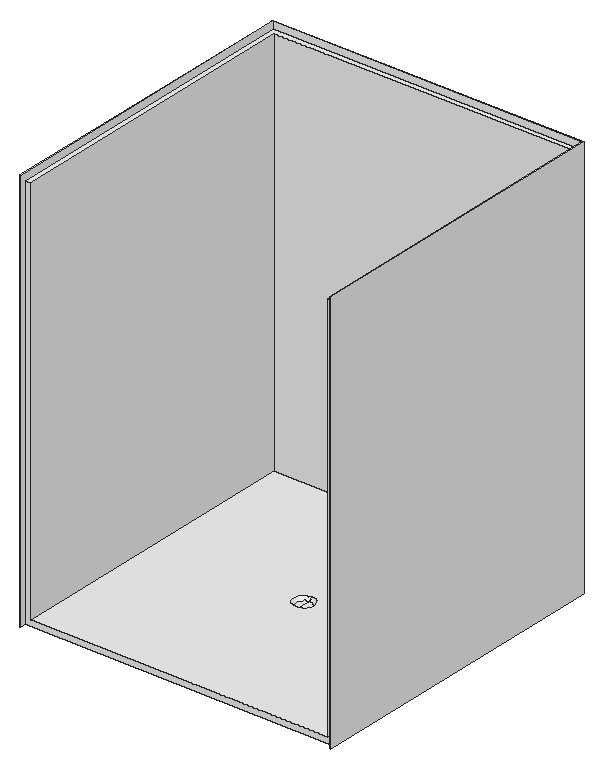
Revit family "Plumbing-Fixtures_Accessibility-Professionals-Inc_60x61-Freedom-Accessible-Shower", category Plumbing Fixtures, Revit 2023
Family settings
  Round Connector Dimension = Use Diameter
  Part Type = Normal
  OmniClass Number = 23.45.05.14.11.21
  OmniClass Title = Shower Receptors
  Work Plane-Based = No
  Enable Cutting in Views = No
  Always vertical = Yes
  Cut with Voids When Loaded = No
  Maintain Annotation Orientation = No
  Shared = No
  Room Calculation Point = No
Parameters (values of type "60" x 61" Freedom Accessible Shower")
  Width = 60"  # constant formula
  Water Inlet Diameter = 2"
  Vertical Drain Offset = 30"  # constant formula
  Version = 1  # constant formula
  URL = "https://www.freedomshowers.com"
  Threshold Height = 1 1/8"  # constant formula
  Internal Wall Offset Side = 1 1/8"  # constant formula
  Product data url = ""
  Product Page URL = "https://www.freedomshowers.com/Handicapped-Accessible-Showers/APF6060BF5P"
  Product Material = Freedom Showers by Accessibility Professionals Inc. - Fiberglass Acrylic - White
  Product Documentation Link = "https://www.freedomshowers.com/index.php?route=product/product.getProductAttachmentFile&attachment_id=2059604"
  Model = "APF6060BF5P"  # constant formula
  Manufacturer = "Freedom Showers by Accessibility Professionals Inc."  # constant formula
  Keynote = "22 40 00.B5"
  Interior Width = 57 3/4"  # constant formula
  Interior Depth = 58"  # constant formula
  Horizontal Drain Offset = 30"  # constant formula
  Height = 78"  # constant formula
  Grab Bars Material = Freedom Showers by Accessibility Professionals Inc. - Steel - Stainless
  Flow = 0 GPM
  Drain Diameter = 2"
  Description = "Five-piece shower stall ideal for remodels with a large bathroom. Features a 1 1/8″ beveled threshold, center drain, pre-leveled base, reinforced wood-backed walls, built-in soap ledge, durable acrylic finish, 30-year warranty, made in the USA."  # constant formula
  Depth = 61"  # constant formula
  Default Elevation = 0"
  Date Updated = ""
  Date Created = "2025/11/18"  # constant formula
  Construction_Type One-Piece [instance] = no
  Internal Wall Offset Back = 1 1/8"  # constant formula
  Construction_Type Multi-Piece [instance] = not([Construction_Type One-Piece])  # yes
  Assembly Code = "D2010.60"
  ADA_Compliant [instance] = no
Reference planes (in)
  plane 1 "Center (Front/Back)": y = 0
  plane 2: z = 0
  plane 3 "Center (Left/Right)": x = 0
  plane 4: x = 30
  plane 5: x = -30
  plane 6: y = 30.5
  plane 7: y = -30.5
  plane 8 "Drain Vertical": x = 0
  plane 9 "Drain Horizontal": y = 0.5
  plane 10: z = 78
  plane 11: z = 1.125
  plane 12: y = -28.16892
  plane 13: z = 41
  plane 14: z = 28.58594
  plane 15: z = 13.125
  plane 16: z = 27
Forms (in)
  Extrusion 1, solid, material "Freedom Showers by Accessibility Professionals Inc. - Fiberglass Acrylic - White" <- "Product Material", detail levels medium+fine
    sketch origin (0, 0, 0) x (1, 0, 0) y (0, 1, 0)
      loop
        line (-30, 30.5) -> (-30, -30.5) -> (-29.81, -30.5) -> (-29.81, 30.31296) -> (29.81296, 30.31296) -> (29.81296, -30.5) -> (30, -30.5) -> (30, 30.5) -> (-30, 30.5)
    from 0 to 78
  Extrusion 2, solid, material "Freedom Showers by Accessibility Professionals Inc. - Fiberglass Acrylic - White" <- "Product Material", detail levels medium+fine
    sketch origin (0, 0, 0) x (0, 1, 0) y (0, 0, 1)
      loop
        line (-29.49391, 1.125) -> (-29.49391, 0) -> (30.31296, 0) -> (30.31296, 1.125) -> (-29.49391, 1.125)
    from -29.81 to 29.81296
  Extrusion 3, solid, material "Freedom Showers by Accessibility Professionals Inc. - Fiberglass Acrylic - White" <- "Product Material", detail levels medium+fine
    sketch origin (0, 0, 0) x (1, 0, 0) y (0, 1, 0)
      loop
        line (-28.685, 29.18796) -> (28.68796, 29.18796) -> (28.68796, -29.49391) -> (29.81296, -29.49391) -> (29.81296, 30.31296) -> (-29.81, 30.31296) -> (-29.81, -29.49391) -> (-28.685, -29.49391) -> (-28.685, 29.18796)
    from 0 to 76.73579
  Revolve 4, void, detail levels medium+fine
    sketch origin (0, -2.55546, 48) x (0, 1, 0) y (0, 0, 1)
      loop
        line (3.05546, -47.375) -> (3.05546, -46.875) -> (1.10295, -46.875) -> (1.60295, -47.375) -> (3.05546, -47.375)
      axis (3.05546, -47.375) -> (3.05546, -46.875)
    angle from 0 to 360
  Blend 5, solid, material "Freedom Showers by Accessibility Professionals Inc. - Fiberglass Acrylic - White" <- "Product Material", detail levels medium+fine
    base sketch origin (-29.7113, -11.07989, 48) x (1, 0, 0) y (0, 0, 1)
      loop
        line (39.99048, -34.89751) -> (19.065, -34.89751)
        arc (19.065, -34.89751) -> (18.66396, -35.0989) -> (18.58599, -35.54085) r 0.5
        line (18.58599, -35.54085) -> (20.39712, -41.98295)
        arc (20.39712, -41.98295) -> (20.75793, -42.49837) -> (21.35515, -42.69628) r 1
        line (21.35515, -42.69628) -> (37.9419, -42.69628)
        arc (37.9419, -42.69628) -> (38.55388, -42.48716) -> (38.9099, -41.94725) r 1
        line (38.9099, -41.94725) -> (40.47448, -35.52299)
        arc (40.47448, -35.52299) -> (40.38592, -35.09152) -> (39.99048, -34.89751) r 0.5
    top sketch origin (-29.7113, -11.07989, 48) x (1, 0, 0) y (0, 0, 1)
      loop
        arc (20.39712, -41.98295) -> (20.75793, -42.49837) -> (21.35515, -42.69628) r 1
        line (21.35515, -42.69628) -> (37.9419, -42.69628)
        arc (37.9419, -42.69628) -> (38.54256, -42.49579) -> (38.90236, -41.9747) r 1
        line (38.90236, -41.9747) -> (39.85697, -35.1823)
        arc (39.85697, -35.1823) -> (39.79808, -34.9835) -> (39.6094, -34.89751) r 0.25
        line (39.6094, -34.89751) -> (19.68892, -34.89751)
        arc (19.68892, -34.89751) -> (19.50024, -34.9835) -> (19.44135, -35.1823) r 0.25
        line (19.44135, -35.1823) -> (20.39712, -41.98295)
    from -40.26785 to -39.07989
  Extrusion 6, void, detail levels medium+fine
    sketch origin (0, 0, 0) x (0, 1, 0) y (0, 0, 1)
      loop
        line (27.77143, 14.39879) -> (27.77143, 5.30372) -> (29.21195, 5.30372) -> (27.77143, 14.39879)
    from -22.25206 to 21.89927
  Extrusion 7, solid, material "Freedom Showers by Accessibility Professionals Inc. - Fiberglass Acrylic - White" <- "Product Material", detail levels coarse
    sketch origin (-44.52563, -180, 34.875) x (-1, 0, 0) y (0, -1, 0)
      loop
        line (-14.52563, -210.5) -> (-14.52563, -149.5) -> (-74.52563, -149.5) -> (-74.52563, -210.5) -> (-14.52563, -210.5)
    from -34.875 to -33.75
  Extrusion 8, solid, material "Freedom Showers by Accessibility Professionals Inc. - Fiberglass Acrylic - White" <- "Product Material", detail levels coarse
    sketch origin (-44.52563, -180, 34.875) x (-1, 0, 0) y (0, -1, 0)
      loop
        line (-14.52563, -210.5) -> (-14.52563, -149.5) -> (-15.71563, -149.5) -> (-15.71563, -209.31395) -> (-73.33859, -209.31395) -> (-73.33859, -149.5) -> (-74.52563, -149.5) -> (-74.52563, -210.5) -> (-14.52563, -210.5)
    from -33.75 to 43.125
  Extrusion 9, void
    sketch origin (28.68796, 29.18796, 0) x (1, 0, 0) y (0, 0, -1)
      loop
        line (-39.95478, -12.66922) -> (-39.95478, -26)
        arc (-39.95478, -26) -> (-39.66189, -26.70711) -> (-38.95478, -27) r 1
        line (-38.95478, -27) -> (-19.02254, -27)
        arc (-19.02254, -27) -> (-18.26418, -26.65183) -> (-18.03389, -25.84977) r 1
        line (-18.03389, -25.84977) -> (-18.03389, -12.61302)
        arc (-18.03389, -12.61302) -> (-18.18397, -12.95975) -> (-18.53378, -13.10249) r 0.5
        line (-18.53378, -13.10249) -> (-39.45925, -13.10249)
        arc (-39.45925, -13.10249) -> (-39.78837, -12.9789) -> (-39.95478, -12.66922) r 0.5
    from 0 to 0.25
Cuts and joins
  Revolve 4 cuts Extrusion 2
  Extrusion 9 cuts Extrusion 3
  Extrusion 6 cuts Blend 5
  joined: Extrusion 2, Extrusion 3, Blend 5
Lines and regions (in)
  Masking region 1, detail levels coarse
    outline origin (0, 0, 0) x (1, 0, 0) y (0, 1, 0)
      loop
        line (-30, 30.5) -> (-30, -30.5) -> (30, -30.5) -> (30, 30.5) -> (-30, 30.5)
  Masking region 2, detail levels medium+fine
    outline origin (0, 0, 0) x (1, 0, 0) y (0, 1, 0)
      loop
        line (-30, 30.5) -> (-30, -30.5) -> (-29.81, -30.5) -> (-29.81, -29.49391) -> (29.81296, -29.49391) -> (29.81296, -30.5) -> (30, -30.5) -> (30, 30.5) -> (-30, 30.5)
  model lines, detail levels medium+fine
    curve 1: line (4.10565, 29.18796, 27) -> (4.10565, 29.18796, 76.73579)
    curve 2: line (-4.01349, 29.18796, 27) -> (-4.01349, 29.18796, 76.73579)
    curve 3: line (12.19865, 29.18796, 3.49797) -> (12.19865, 29.18796, 76.73579)
    curve 4: line (20.29165, 29.18796, 3.49797) -> (20.29165, 29.18796, 76.73579)
    curve 5: line (-12.10649, 29.18796, 3.49797) -> (-12.10649, 29.18796, 76.73579)
    curve 6: line (-20.19949, 29.18796, 3.49797) -> (-20.19949, 29.18796, 76.73579)
    curve 7: line (-28.685, 29.18796, 68.24197) -> (28.93796, 29.18796, 68.24197)
    curve 8: line (-28.685, 29.18796, 60.14897) -> (28.93796, 29.18796, 60.14897)
    curve 9: line (-28.685, 29.18796, 52.05597) -> (28.68796, 29.18796, 52.05597)
    curve 10: line (28.93796, 29.18796, 44.01123) -> (-28.685, 29.18796, 44.01123)
    curve 11: line (-28.685, 29.18796, 35.86997) -> (28.68796, 29.18796, 35.86997)
    curve 12: line (-28.685, 29.18796, 27.77697) -> (28.93796, 29.18796, 27.77697)
    curve 13: line (-28.685, 29.18796, 19.68397) -> (-11.01682, 29.18796, 19.68397)
    curve 14: line (28.68796, 29.18796, 19.68397) -> (10.90407, 29.18796, 19.68397)
    curve 15: line (10.67239, 29.18796, 11.59097) -> (28.68796, 29.18796, 11.59097)
    curve 16: line (-28.685, 29.18796, 11.59097) -> (-10.75623, 29.18796, 11.59097)
    curve 17: line (-28.685, 29.18796, 3.49797) -> (28.68796, 29.18796, 3.49797)
    curve 18: line (-4.02084, 29.18796, 3.49797) -> (-4.02084, 29.18796, 5.30372)
    curve 19: line (4.11024, 29.18796, 3.49797) -> (4.11024, 29.18796, 5.30372)
    curve 20: line (28.68796, 29.18796, 68.2929) -> (28.68796, -29.49391, 68.2929)
    curve 21: line (28.68796, 29.18796, 60.1679) -> (28.68796, -29.49391, 60.1679)
    curve 22: line (28.68796, 29.18796, 52.0429) -> (28.68796, -29.49391, 52.0429)
    curve 23: line (28.68796, 29.18796, 43.99396) -> (28.68796, -29.49391, 43.99396)
    curve 24: line (28.68796, 29.18796, 35.51382) -> (28.68796, -29.49391, 35.51382)
    curve 25: line (28.68796, 29.18796, 27.6679) -> (28.68796, -29.49391, 27.6679)
    curve 26: line (28.68796, 29.18796, 19.5429) -> (28.68796, -29.49391, 19.5429)
    curve 27: line (28.68796, 29.18796, 11.4179) -> (28.68796, -29.49391, 11.4179)
    curve 28: line (28.68796, -29.49391, 3.49797) -> (28.68796, 29.18796, 3.49797)
    curve 29: line (28.68796, 19.73852, 3.49797) -> (28.68796, 19.73852, 76.73579)
    curve 30: line (28.68796, 11.61352, 3.49797) -> (28.68796, 11.61352, 76.73579)
    curve 31: line (28.68796, 3.48852, 3.49797) -> (28.68796, 3.48852, 76.73579)
    curve 32: line (28.68796, -4.63648, 3.49797) -> (28.68796, -4.63648, 76.73579)
    curve 33: line (28.68796, -12.76148, 3.49797) -> (28.68796, -12.76148, 76.73579)
    curve 34: line (28.68796, -20.88648, 3.49797) -> (28.68796, -20.88648, 76.73579)
    curve 35: line (-28.685, 29.18796, 68.2929) -> (-28.685, -29.49391, 68.2929)
    curve 36: line (-28.685, 29.18796, 60.1679) -> (-28.685, -29.49391, 60.1679)
    curve 37: line (-28.685, 29.18796, 52.0429) -> (-28.685, -29.49391, 52.0429)
    curve 38: line (-28.685, 29.18796, 43.99396) -> (-28.685, -29.49391, 43.99396)
    curve 39: line (-28.685, 29.18796, 35.51382) -> (-28.685, -29.49391, 35.51382)
    curve 40: line (-28.685, 29.18796, 27.6679) -> (-28.685, -29.49391, 27.6679)
    curve 41: line (-28.685, 29.18796, 19.5429) -> (-28.685, -29.49391, 19.5429)
    curve 42: line (-28.685, 29.18796, 11.4179) -> (-28.685, -29.49391, 11.4179)
    curve 43: line (-28.685, -29.49391, 3.49797) -> (-28.685, 29.18796, 3.49797)
    curve 44: line (-28.685, -20.88648, 3.49797) -> (-28.685, -20.88648, 76.73579)
    curve 45: line (-28.685, -12.76148, 3.49797) -> (-28.685, -12.76148, 76.73579)
    curve 46: line (-28.685, -4.63648, 3.49797) -> (-28.685, -4.63648, 76.73579)
    curve 47: line (-28.685, 3.48852, 3.49797) -> (-28.685, 3.48852, 76.73579)
    curve 48: line (-28.685, 11.61352, 3.49797) -> (-28.685, 11.61352, 76.73579)
    curve 49: line (-28.685, 19.73852, 3.49797) -> (-28.685, 19.73852, 76.73579)
    curve 50: line (-28.81, 29.31296, 1.125) -> (-1.37915, 1.88211, 1.125)
    curve 51: line (1.37915, 1.88211, 1.125) -> (28.81296, 29.31592, 1.125)
    curve 52: line (1.35404, -0.90672, 1.125) -> (28.81296, -29.49391, 1.125)
    curve 53: line (-1.35397, -0.90679, 1.125) -> (-28.81, -29.49391, 1.125)
  symbolic lines, style "PlumbingFixturesHiddenLines", detail levels medium+fine
    curve 54: line (-28.81, 29.31395, 0) -> (-1.37915, 1.88211, 0)
    curve 55: line (1.37915, 1.88211, 0) -> (28.81296, 29.31395, 0)
    curve 56: line (1.35404, -0.90672, 0) -> (28.81296, -29.49391, 0)
    curve 57: line (-1.35397, -0.90679, 0) -> (-28.81, -29.49391, 0)
  symbolic lines, detail levels medium+fine
    curve 58: line (-29.81, -29.49391, 0) -> (29.81296, -29.49391, 0)
    curve 59: line (-28.81, -29.49391, 0) -> (-28.81, 29.31395, 0)
    curve 60: line (28.81296, 29.31395, 0) -> (28.81296, -29.49391, 0)
    curve 61: line (-28.81, 29.31395, 0) -> (28.81296, 29.31395, 0)
    curve 62: line (-10.26995, 28, 0) -> (-11.12531, 29.31395, 0)
    curve 63: line (-10.26995, 28, 0) -> (10.14567, 28, 0)
    curve 64: line (10.76318, 29.31395, 0) -> (10.14567, 28, 0)
    curve 65: line (-29.81, -30.5, 0) -> (-29.81, 30.31296, 0)
    curve 66: line (-29.81, 30.31296, 0) -> (29.81296, 30.31296, 0)
    curve 67: line (29.81296, 30.31296, 0) -> (29.81296, -30.5, 0)
    curve 68: arc (0, -1.45251, 0) -> (-1.95251, 0.5, 0) -> (0, 2.45251, 0) r 1.95251
    curve 69: arc (0, 2.45251, 0) -> (1.95251, 0.5, 0) -> (0, -1.45251, 0) r 1.95251
    curve 70: arc (0, 1.95251, 0) -> (-1.45251, 0.5, 0) -> (0, -0.95251, 0) r 1.45251
    curve 71: arc (0, -0.95251, 0) -> (1.45251, 0.5, 0) -> (0, 1.95251, 0) r 1.45251
  symbolic lines, detail levels coarse
    curve 72: line (-28.81, -30.5, 0) -> (-28.81, 29.31395, 0)
    curve 73: line (-28.81, 29.31395, 0) -> (28.81296, 29.31395, 0)
    curve 74: line (28.81296, 29.31395, 0) -> (28.81296, -30.5, 0)
Dimensions and locks (in)
  equal spacing: plane 5, plane 3 "Center (Left/Right)", plane 4
  "Width": plane 5 to plane 4
  equal spacing: plane 7, plane 1 "Center (Front/Back)", plane 6
  "Depth": plane 7 to plane 6
  "Vertical Drain Offset": plane 5 to plane 8 "Drain Vertical"
  "Horizontal Drain Offset": plane 9 "Drain Horizontal" to plane 6
  "Height": plane 10 to level
  locked: plane 12 to plane 7 at 2.33108
  locked: plane 5 to Extrusion 1 sketch curve at 0.19
  locked: Extrusion 1 sketch curve to plane 6 at 0.18704
  locked: Extrusion 1 sketch curve to plane 4 at 0.18704
  "Threshold Height": plane 11 to level
  locked: plane 11 to Revolve 4 sketch curve at 0.5
  Revolve 4 sketch curve to Revolve 4 sketch curve to Revolve 4 sketch curve = 1.45251" locked, 1/2" locked
  locked: plane 5 to Extrusion 3 sketch curve at 0.19
  locked: Extrusion 3 sketch curve to plane 4 at 0.18704
  locked: Extrusion 3 sketch curve to plane 6 at 0.18704
  "Internal Wall Offset Back": Extrusion 3 sketch curve to Extrusion 3 sketch curve
  "Internal Wall Offset Side": Extrusion 3 sketch curve to Extrusion 3 sketch curve  (x2)
  plane 13 to level = 41"
  plane 14 to level = 28 75/128"
  locked: plane 15 to level at 13.125
  aligned and locked: plane 2 to level
  aligned and locked: Extrusion 1 sketch curve to plane 5
  aligned and locked: Extrusion 1 sketch curve to plane 6
  aligned and locked: Extrusion 1 sketch curve to plane 4
  aligned and locked: Extrusion 1 sketch curve to plane 7
  aligned and locked: Extrusion 1 to level
  aligned and locked: plane 10 to Extrusion 1
  aligned and locked: level to Extrusion 2 sketch curve
  aligned and locked: Extrusion 3 to level
  aligned and locked: Revolve 4 sketch curve to plane 9 "Drain Horizontal"
  aligned and locked: plane 11 to Extrusion 2 sketch curve
  aligned and locked: plane 11 to Revolve 4 sketch curve
  aligned and locked: Extrusion 7 sketch curve to plane 5
  aligned and locked: Extrusion 7 sketch curve to plane 6
  aligned and locked: Extrusion 7 sketch curve to plane 7
  aligned and locked: Extrusion 7 sketch curve to plane 4
  aligned and locked: Extrusion 7 to level
  aligned and locked: plane 11 to Extrusion 7
  aligned and locked: Extrusion 8 sketch curve to plane 5
  aligned and locked: Extrusion 8 sketch curve to plane 6
  aligned and locked: Extrusion 8 sketch curve to plane 4
  aligned and locked: Extrusion 8 sketch curve to plane 7
  aligned and locked: plane 10 to Extrusion 8
  aligned and locked: Extrusion 8 to plane 11
  aligned and locked: Blend 5 to Extrusion 3
  aligned and locked: Extrusion 3 to Extrusion 9
  aligned and locked: curve 28 to curve 17
  aligned and locked: curve 35 to curve 20
  aligned and locked: curve 36 to curve 21
  aligned and locked: curve 37 to curve 22
  aligned and locked: curve 38 to curve 23
  aligned and locked: curve 39 to curve 24
  aligned and locked: curve 40 to curve 25
  aligned and locked: curve 41 to curve 26
  aligned and locked: curve 42 to curve 27
  aligned and locked: curve 43 to curve 28
  aligned and locked: curve 44 to curve 34
  aligned and locked: curve 45 to curve 33
  aligned and locked: curve 46 to curve 32
  aligned and locked: curve 47 to curve 31
  aligned and locked: curve 48 to curve 30
  aligned and locked: curve 49 to curve 29
  aligned and locked: curve 58 to cut or joined group of Extrusion 2, Extrusion 3, Revolve 4, Blend 5, Extrusion 6, Extrusion 9
  aligned and locked: Extrusion 8 to curve 59
  aligned and locked: curve 60 to Extrusion 8
  aligned and locked: curve 61 to Extrusion 8
  aligned and locked: Masking region 1 sketch curve to plane 5
  aligned and locked: Masking region 1 sketch curve to plane 6
  aligned and locked: Masking region 1 sketch curve to plane 4
  aligned and locked: Masking region 1 sketch curve to plane 7
  aligned and locked: curve 72 to Extrusion 8
  aligned and locked: curve 73 to Extrusion 8
  aligned and locked: curve 74 to Extrusion 8
  aligned and locked: Masking region 2 sketch curve to plane 5
  aligned and locked: Masking region 2 sketch curve to plane 6
  aligned and locked: Masking region 2 sketch curve to plane 4
  aligned and locked: Masking region 2 sketch curve to plane 7
  aligned and locked: Masking region 2 sketch curve to curve 58
  aligned and locked: Masking region 2 sketch curve to curve 65
  aligned and locked: curve 67 to Masking region 2 sketch curve
Automatic sketch dimensions
  plane 7 to Extrusion 1 sketch curve = 0"
  plane 6 to Extrusion 2 sketch curve = 0.18704"
  Revolve 4 sketch curve to plane 9 "Drain Horizontal" = 0"
  Revolve 4 sketch curve to level = 12"
  plane 10 to Revolve 4 sketch curve = 17 3/8"
  plane 7 to Extrusion 8 sketch curve = 0"
  Extrusion 2 sketch curve to plane 7 = 1.00609"
  Blend 5 sketch curve to plane 3 "Center (Left/Right)" = 10.64629"
  plane 11 to Blend 5 sketch curve = 11.47749"
  Blend 5 sketch curve to Blend 5 sketch curve = 1/2"
  Blend 5 sketch curve to Blend 5 sketch curve = 0.47901"
  plane 3 "Center (Left/Right)" to Blend 5 sketch curve = 10.27918"
  Blend 5 sketch curve to Blend 5 sketch curve = 1.81113"
  plane 11 to Blend 5 sketch curve = 4.89205"  (x2)
  Blend 5 sketch curve to Blend 5 sketch curve = 0.95803"  (x2)
  Blend 5 sketch curve to Blend 5 sketch curve = 0.28667"
  plane 3 "Center (Left/Right)" to Blend 5 sketch curve = 8.23061"  (x2)
  Blend 5 sketch curve to Blend 5 sketch curve = 1"
  Blend 5 sketch curve to Blend 5 sketch curve = 0.968"
  Blend 5 sketch curve to Blend 5 sketch curve = 0.484"
  Blend 5 sketch curve to Blend 5 sketch curve = 0.62548"
  Blend 5 sketch curve to plane 3 "Center (Left/Right)" = 10.26995"
  Blend 5 sketch curve to Blend 5 sketch curve = 0.95577"
  Blend 5 sketch curve to Blend 5 sketch curve = 0.24757"  (x2)
  plane 11 to Blend 5 sketch curve = 4.9003"
  Blend 5 sketch curve to Blend 5 sketch curve = 0.96046"
  Blend 5 sketch curve to Blend 5 sketch curve = 1.6675"
  Blend 5 sketch curve to Blend 5 sketch curve = 0.71333"
  Blend 5 sketch curve to Blend 5 sketch curve = 6.51398"
  Blend 5 sketch curve to Blend 5 sketch curve = 0.03479"
  Blend 5 sketch curve to Blend 5 sketch curve = 0.28479"
  Extrusion 8 sketch curve to plane 4 = 1.18704"
  plane 5 to Extrusion 8 sketch curve = 1.19"
  plane 6 to Extrusion 8 sketch curve = 1.18605"
  plane 11 to Extrusion 6 sketch curve = 4.17872"
  plane 15 to Extrusion 6 sketch curve = 1.27379"
  Extrusion 9 sketch curve to Extrusion 9 sketch curve = 0.49553"
  Extrusion 9 sketch curve to Extrusion 9 sketch curve = 1"
  Extrusion 9 sketch curve to Extrusion 9 sketch curve = 0.48876"
  Extrusion 9 sketch curve to Extrusion 9 sketch curve = 12.89751"  (x2)
  Extrusion 9 sketch curve to Extrusion 9 sketch curve = 0.49989"
  Extrusion 3 to curve 7 = 0"
  Extrusion 3 to curve 5 = 0"
  curve 16 to Extrusion 3 = 0"
  curve 8 to Extrusion 3 = 0"
  Extrusion 3 to curve 6 = 0"
  curve 6 to Extrusion 3 = 8.48551"
  curve 5 to curve 6 = 8.093"
  curve 13 to curve 5 = 1.08967"
  curve 10 to curve 6 = 49.13745"
  curve 16 to curve 13 = 0.26059"
  curve 18 to curve 16 = 6.73539"
  curve 2 to curve 5 = 8.093"
  curve 7 to curve 2 = 32.95145"
  curve 7 to curve 8 = 0"
  curve 12 to curve 2 = 32.95145"
  Extrusion 3 to curve 1 = 0"
  curve 1 to curve 2 = 8.11914"
  curve 19 to curve 18 = 8.13107"
  curve 15 to curve 19 = 6.56216"
  curve 14 to curve 15 = 0.23168"
  Extrusion 3 to curve 3 = 0"
  curve 3 to curve 1 = 8.093"
  curve 4 to curve 3 = 8.093"
  curve 15 to Extrusion 3 = 0"
  curve 11 to Extrusion 3 = 0"
  curve 17 to Extrusion 3 = 0"
  Extrusion 3 to curve 9 = 0"  (x2)
  Extrusion 3 to curve 14 = 0"
  Extrusion 3 to curve 10 = 0"
  Extrusion 3 to curve 17 = 0"
  Extrusion 3 to curve 12 = 0"
  Extrusion 3 to curve 13 = 0"
  Extrusion 3 to curve 11 = 0"
  Extrusion 3 to curve 4 = 0"
  Extrusion 3 to curve 2 = 0"
  curve 2 to curve 7 = 8.49382"
  curve 7 to curve 8 = 8.093"
  Extrusion 3 to curve 9 = 24.67982"
  curve 9 to curve 10 = 8.04475"
  curve 9 to curve 11 = 16.186"
  curve 10 to curve 1 = 17.01123"
  curve 2 to curve 1 = 0"
  curve 11 to curve 12 = 8.093"
  curve 12 to curve 13 = 8.093"
  curve 11 to curve 14 = 16.186"
  curve 14 to curve 15 = 8.093"
  curve 13 to curve 16 = 8.093"
  curve 19 to curve 19 = 1.80574"
  curve 18 to curve 18 = 1.80574"
  Extrusion 3 to curve 17 = 3.49797"
  curve 20 to Extrusion 3 = 0"  (x2)
  curve 28 to Extrusion 3 = 0"
  Extrusion 3 to curve 21 = 0"
  Extrusion 3 to curve 27 = 0"
  Extrusion 3 to curve 22 = 0"
  Extrusion 3 to curve 26 = 0"
  Extrusion 3 to curve 23 = 0"
  Extrusion 3 to curve 25 = 0"
  Extrusion 3 to curve 24 = 0"
  curve 24 to curve 29 = 9.44944"
  Extrusion 3 to curve 30 = 0"
  curve 29 to curve 30 = 8 1/8"
  curve 30 to curve 31 = 8 1/8"
  curve 31 to curve 32 = 8 1/8"
  Extrusion 3 to curve 33 = 0"
  curve 32 to curve 33 = 8 1/8"
  Extrusion 3 to curve 34 = 0"
  curve 33 to curve 34 = 8 1/8"
  curve 23 to Extrusion 3 = 0"
  curve 26 to Extrusion 3 = 0"
  curve 25 to Extrusion 3 = 0"
  curve 24 to Extrusion 3 = 0"
  curve 27 to Extrusion 3 = 0"
  curve 22 to Extrusion 3 = 0"
  curve 21 to Extrusion 3 = 0"
  Extrusion 3 to curve 28 = 0"
  curve 28 to curve 27 = 7.91993"
  curve 27 to curve 26 = 8 1/8"
  curve 26 to curve 25 = 8 1/8"
  curve 25 to curve 24 = 7.84592"
  curve 24 to curve 23 = 8.48014"
  curve 23 to curve 22 = 8.04894"
  curve 22 to curve 21 = 8 1/8"
  curve 21 to curve 20 = 8 1/8"
  Extrusion 3 to curve 32 = 0"
  Extrusion 3 to curve 29 = 0"
  Extrusion 3 to curve 31 = 0"
  curve 35 to Extrusion 3 = 0"  (x2)
  curve 36 to Extrusion 3 = 0"  (x2)
  curve 37 to Extrusion 3 = 0"  (x2)
  curve 38 to Extrusion 3 = 0"  (x2)
  curve 39 to Extrusion 3 = 0"  (x2)
  curve 40 to Extrusion 3 = 0"  (x2)
  curve 41 to Extrusion 3 = 0"  (x2)
  curve 42 to Extrusion 3 = 0"  (x2)
  curve 43 to Extrusion 3 = 0"  (x2)
  Extrusion 3 to curve 44 = 0"
  Extrusion 3 to curve 45 = 0"
  Extrusion 3 to curve 46 = 0"
  Extrusion 3 to curve 47 = 0"
  Extrusion 3 to curve 48 = 0"
  Extrusion 3 to curve 49 = 0"
  plane 3 "Center (Left/Right)" to curve 51 = 1.37915"
  plane 9 "Drain Horizontal" to curve 51 = 1.38211"
  curve 52 to plane 7 = 1.00609"
  curve 53 to plane 7 = 1.00609"
  plane 6 to curve 50 = 1.18704"
  plane 6 to curve 51 = 1.18408"
  curve 52 to plane 4 = 1.18704"
  curve 51 to plane 4 = 1.18704"
  plane 5 to curve 53 = 1.19"
  curve 50 to plane 3 "Center (Left/Right)" = 1.37915"
  plane 9 "Drain Horizontal" to curve 50 = 1.38211"
  plane 5 to curve 50 = 1.19"
  plane 1 "Center (Front/Back)" to curve 52 = 0.90672"
  plane 3 "Center (Left/Right)" to curve 52 = 1.35404"
  curve 53 to plane 3 "Center (Left/Right)" = 1.35397"
  curve 53 to plane 9 "Drain Horizontal" = 1.40679"
  plane 5 to curve 58 = 0.19"
  curve 58 to plane 4 = 0.18704"
  plane 7 to curve 65 = 0"
  plane 6 to curve 65 = 0.18704"
  plane 7 to curve 67 = 0"
  plane 6 to Extrusion 6 sketch curve = 2.72857"
  plane 6 to Extrusion 6 sketch curve = 1.28805"
  plane 7 to curve 72 = 0"
  plane 7 to curve 74 = 0"
  curve 68 to curve 69 = 0"  (x2)
  curve 68 to curve 70 = 0"  (x2)
  curve 68 to curve 71 = 0"  (x2)
  curve 69 to curve 70 = 0"  (x2)
  curve 69 to curve 71 = 0"  (x2)
  curve 70 to curve 71 = 0"  (x2)
  curve 71 to plane 3 "Center (Left/Right)" = 0"
  plane 9 "Drain Horizontal" to curve 69 = 0"
  plane 5 to curve 54 = 1.19"
  plane 6 to curve 62 = 2 1/2"
  curve 62 to plane 3 "Center (Left/Right)" = 10.26995"
  plane 3 "Center (Left/Right)" to curve 64 = 10.14567"
  curve 56 to curve 58 = 1"
  curve 56 to plane 7 = 1.00609"
  plane 6 to curve 55 = 1.18605"
  curve 62 to curve 62 = 0.85536"
  curve 54 to plane 3 "Center (Left/Right)" = 1.37915"
  plane 1 "Center (Front/Back)" to curve 57 = 0.90679"
  curve 57 to plane 3 "Center (Left/Right)" = 1.35397"
  plane 1 "Center (Front/Back)" to curve 56 = 0.90672"
  plane 3 "Center (Left/Right)" to curve 55 = 1.37915"
  curve 63 to curve 64 = 0.61751"
  curve 68 to curve 70 = 1/2"
  plane 7 to Masking region 2 sketch curve = 0"
  Extrusion 3 sketch curve to plane 7 = 1.00609"  (x2)
Connectors (in)
  piping at (0, 0.5, 0.625), diameter 2, driven by "Flow", driven by "Drain Diameter"
    settings: on cut or joined group of Extrusion 2, Extrusion 3, Revolve 4, Blend 5, Extrusion 6, Extrusion 9, index 4, connector inside diameter 24", connector length 0", flow factor 0, pipe flow 0 GPM, pressure drop 0.00 psi, fitting loss kfactor 0, connector angle 0.00°, fixture units 0, engagement length 0", angle of deflection 0.00°, flow configuration 0, flow direction 2, fitting loss method 0, system type 16, joint type 0, gender type 0, connector reference index -1, connector utility 0, adjustable connector no, is connector primary yes, connector description "Drain"
